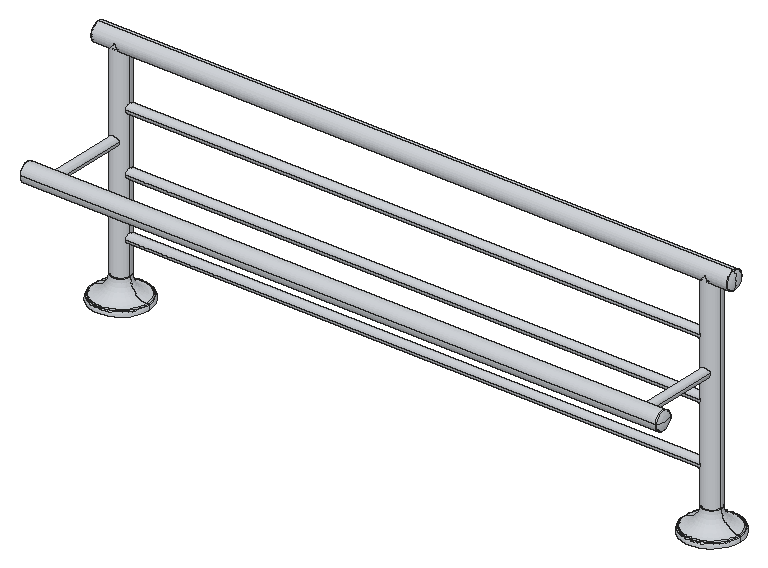
Revit family "Accessory-Towel_Bar-KOHLER-Coralais-K-13448", category Specialty Equipment, host Face, Revit 2015
Parameters (values of type "CP-Polished Chrome")
  Width = 9 13/16"  # constant formula
  URL = "https://www.us.kohler.com/us/"
  Type = 1
  Product Page URL = "http://www.us.kohler.com/us/catalog/productDetails.jsp?productNumber=13448"
  Product Name = "Coralais"  # constant formula
  Product Documentation Link = "http://www.us.kohler.com/onlinecatalog/pdf/K-13448_spec.pdf"
  Model = if(Type = 1, "K-13448-CP", if(Type = 2, "K-13448-G", if(Type = 3, "K-13448-BN", "NA")))  # "K-13448-CP"
  Material = "Premium Metal Construction"  # constant formula
  MasterFormat 2004 = "10.28.13"  # constant formula
  MasterFormat 1995 = "10820"  # constant formula
  Manufacturer Address = "444 Highland Dr, Kohler, WI 53044"  # constant formula
  Manufacturer = "KOHLER Co."  # constant formula
  Length = 26 5/16"  # constant formula
  Height = 5 1/8"  # constant formula
  Finish = Kohler-Metal-CP-Polished_Chrome
  Environmental Product Declaration = ""
  Description = "Hotelier"  # constant formula
  Default Elevation = 42"
  Declare Label = ""
  Date Modified = "01/17/2019"  # constant formula
  Date Created = "01/17/2019"  # constant formula
  Copyright = "Copyright KOHLER Co."  # constant formula
  Contact Us = "https://www.us.kohler.com/us/static/contact.jsp"
  Assembly Code = "C1030200"
  ADA Compliant = 1 = 0  # no
Types (4): name | Type | Model | Finish
  (no name) | 1 | "K-13448-CP" | Kohler-Metal-CP-Polished_Chrome
  CP-Polished Chrome | 1 | "K-13448-CP" | Kohler-Metal-CP-Polished_Chrome
  G-Brushed Chrome | 2 | "K-13448-G" | Kohler-Metal-G-Brushed_Chrome
  BN-Vibrant Brushed Nickel | 3 | "K-13448-BN" | Kohler-Metal-BN-Vibrant_Brushed_Nickel
Reference planes (in)
  plane 1 "Center (Front/Back)": y = 0
  plane 2: z = 0
  plane 3 "Center (Left/Right)": x = 0
  plane 4: y = 1.15625
  plane 5: x = -13.15625
  plane 6: x = 13.15625
  plane 7: x = -10.84375
  plane 8: x = -12
  plane 9: x = 12
  plane 10: x = 10.84375
  plane 11: y = -1.15625
  plane 12: y = -3.96875
  plane 13: z = 9.8125
Dimensions and locks (in)
  "Length": plane 5 to plane 6
  "Width": plane 13 to level
  plane 9 to plane 8 = 24"
  plane 4 to plane 11 = 2 5/16"
  "Height": plane 4 to plane 12
  aligned and locked: plane 2 to host face
  aligned and locked: level to host face
Automatic sketch dimensions
  host sketch curve to host sketch curve = 96"  (x2)
Nested families (in)
  nested 1: "K-13448" at (0, 0, 0), type "K-13448"
Definition of nested family "K-13448"
  Parameters (values of type "K-13448")
    Material = none
  Reference planes (in)
    plane 1 "Center (Front/Back)": y = 0
    plane 2: z = 0
    plane 3 "Center (Left/Right)": x = 0
    plane 4: y = 1.15625
    plane 5: y = -1.15625
    plane 6: y = -3.96875
    plane 7: z = 9.8125
    plane 8: x = 13.15625
    plane 9: x = -13.15625
    plane 10: x = 12
    plane 11: x = -12
    plane 12: x = -10.84375
    plane 13: x = 10.84375
  Forms (in)
    Revolve 1, solid, material <- "Material", detail levels medium+fine
      sketch origin (0, 0, 0) x (1, 0, 0) y (0, 0, 1)
        loop
          arc (12.98038, 9.43848) -> (12.9633, 9.62029) -> (12.91265, 9.79572) r 0.97596
          arc (12.91265, 9.79572) -> (12.90292, 9.80791) -> (12.88802, 9.8125) r 0.02646
          line (12.88802, 9.8125) -> (-12.88802, 9.8125)
          arc (-12.88802, 9.8125) -> (-12.90292, 9.80791) -> (-12.91265, 9.79572) r 0.02646
          arc (-12.91265, 9.79572) -> (-12.9633, 9.62029) -> (-12.98038, 9.43848) r 0.97596
          line (-12.98038, 9.43848) -> (12.98038, 9.43848)
        axis (-12.98038, 9.43848) -> (12.98038, 9.43848)
      angle from 0 to 360
    Revolve 2, solid, material <- "Material", detail levels medium+fine
      sketch origin (0, 5.87116, 5.90551) x (0, -1, 0) y (1, 0, 0)
        loop
          line (9.46589, 12.98038) -> (9.46589, -12.98038)
          arc (9.46589, -12.98038) -> (9.64769, -12.9633) -> (9.82313, -12.91265) r 0.97596
          arc (9.82313, -12.91265) -> (9.83531, -12.90292) -> (9.83991, -12.88802) r 0.02646
          line (9.83991, -12.88802) -> (9.83991, 12.88802)
          arc (9.83991, 12.88802) -> (9.83531, 12.90292) -> (9.82313, 12.91265) r 0.02646
          arc (9.82313, 12.91265) -> (9.64769, 12.9633) -> (9.46589, 12.98038) r 0.97596
        axis (9.46589, -12.98038) -> (9.46589, 12.98038)
      angle from 0 to 360
    Extrusion 3, solid, material <- "Material", detail levels medium+fine
      sketch origin (0, 0, 0) x (0, 1, 0) y (0, 0, 1)
        loop
          circle (0, 7.08665) r 0.1901
        loop
          circle (0, 4.72467) r 0.1901
        loop
          circle (0, 2.36218) r 0.1901
      from -12 to 12
    Extrusion 4, solid, material <- "Material", detail levels medium+fine
      sketch origin (0, 0, 0) x (1, 0, 0) y (0, 0, 1)
        loop
          circle (-12, 5.90551) r 0.19141
        loop
          circle (12, 5.90551) r 0.19141
      from 0 to 3.56299
    Revolve 5, solid, material <- "Material", detail levels medium+fine
      sketch origin (0, 0, 0) x (-1, 0, 0) y (0, 0, 1)
        loop
          line (12, 9.4375) -> (12, 0) -> (13.15625, 0)
          arc (13.15625, 0) -> (13.14872, 0.0813) -> (13.1248, 0.15937) r 0.3992
          arc (13.1248, 0.15937) -> (13.11508, 0.17109) -> (13.1005, 0.17549) r 0.02638
          line (13.1005, 0.17549) -> (13.06972, 0.17549)
          arc (13.06972, 0.17549) -> (13.06423, 0.19042) -> (13.05025, 0.19802) r 0.02257
          arc (13.05025, 0.19802) -> (12.57328, 0.45192) -> (12.37326, 0.95388) r 0.7853
          arc (12.37326, 0.95388) -> (12.36381, 0.97541) -> (12.34202, 0.98425) r 0.03125
          line (12.34202, 0.98425) -> (12.37283, 0.98425) -> (12.37283, 9.4375) -> (12, 9.4375)
        axis (12, 0) -> (12, 9.4375)
      angle from 0 to 360
    Revolve 6, solid, material <- "Material", detail levels medium+fine
      sketch origin (0, 0, 0) x (1, 0, 0) y (0, 0, 1)
        loop
          line (12, 9.4375) -> (12, 0) -> (13.15625, 0)
          arc (13.15625, 0) -> (13.14872, 0.0813) -> (13.1248, 0.15937) r 0.3992
          arc (13.1248, 0.15937) -> (13.11508, 0.17109) -> (13.1005, 0.17549) r 0.02638
          line (13.1005, 0.17549) -> (13.06972, 0.17549)
          arc (13.06972, 0.17549) -> (13.06423, 0.19042) -> (13.05025, 0.19802) r 0.02257
          arc (13.05025, 0.19802) -> (12.57328, 0.45192) -> (12.37326, 0.95388) r 0.7853
          arc (12.37326, 0.95388) -> (12.36381, 0.97541) -> (12.34202, 0.98425) r 0.03125
          line (12.34202, 0.98425) -> (12.37283, 0.98425) -> (12.37283, 9.4375) -> (12, 9.4375)
        axis (12, 0) -> (12, 9.4375)
      angle from 0 to 360
    Revolve 7, solid, material <- "Material", detail levels coarse
      sketch origin (0, 0, 0) x (1, 0, 0) y (0, 0, 1)
        loop
          line (-12, 9.4375) -> (-12.37282, 9.4375) -> (-12.37282, 0.19832) -> (-13.15625, 0.19832) -> (-13.15625, 0) -> (-12, 0) -> (-12, 9.4375)
        axis (-12, 0) -> (-12, 9.4375)
      angle from 0 to 360
    Revolve 8, solid, material <- "Material", detail levels coarse
      sketch origin (0, 0, 0) x (-1, 0, 0) y (0, 0, 1)
        loop
          line (-12, 9.4375) -> (-12.37282, 9.4375) -> (-12.37282, 0.19832) -> (-13.15625, 0.19832) -> (-13.15625, 0) -> (-12, 0) -> (-12, 9.4375)
        axis (-12, 0) -> (-12, 9.4375)
      angle from 0 to 360
    Extrusion 9, solid, material <- "Material", detail levels coarse
      sketch origin (0, 0, 0) x (0, 1, 0) y (0, 0, 1)
        loop
          circle (0, 9.4375) r 0.375
      from -12.98092 to 12.98793
    Extrusion 10, solid, material <- "Material", detail levels coarse
      sketch origin (0, 0, 0) x (0, 1, 0) y (0, 0, 1)
        loop
          circle (0, 7.08665) r 0.1901
        loop
          circle (0, 4.72467) r 0.1901
        loop
          circle (0, 2.36218) r 0.1901
      from -12 to 12
    Extrusion 11, solid, material <- "Material", detail levels coarse
      sketch origin (0, 0, 0) x (1, 0, 0) y (0, 0, 1)
        loop
          circle (-12, 5.90551) r 0.19141
        loop
          circle (12, 5.90551) r 0.19141
      from 0 to 3.65409
    Extrusion 12, solid, material <- "Material", detail levels coarse
      sketch origin (0, 0, 0) x (0, 1, 0) y (0, 0, 1)
        loop
          circle (-3.59375, 5.90507) r 0.375
      from -12.98092 to 12.98793
  Cuts and joins
    joined: Revolve 2, Extrusion 3, Extrusion 4, Revolve 5, Revolve 6
    joined: Revolve 7, Revolve 8, Extrusion 9, Extrusion 10, Extrusion 11, Extrusion 12
  Lines and regions (in)
    Masking region 1
      outline origin (0, 0, 0) x (1, 0, 0) y (0, 0, 1)
        loop
          line (10.84375, 0) -> (13.15625, 0)
          arc (13.15625, 0) -> (13.14872, 0.0813) -> (13.1248, 0.15937) r 0.3992
          arc (13.1248, 0.15937) -> (13.11508, 0.17109) -> (13.1005, 0.17549) r 0.02638
          line (13.1005, 0.17549) -> (13.06972, 0.17549)
          arc (13.06972, 0.17549) -> (13.06423, 0.19042) -> (13.05025, 0.19802) r 0.02257
          arc (13.05025, 0.19802) -> (12.57328, 0.45192) -> (12.37326, 0.95388) r 0.7853
          arc (12.37326, 0.95388) -> (12.36381, 0.97541) -> (12.34202, 0.98425) r 0.03125
          line (12.34202, 0.98425) -> (12.37283, 0.98425) -> (12.37283, 5.5315) -> (12.88802, 5.5315)
          arc (12.88802, 5.5315) -> (12.90292, 5.53609) -> (12.91265, 5.54827) r 0.02646
          arc (12.91265, 5.54827) -> (12.9633, 5.72371) -> (12.98038, 5.90551) r 0.97596
          arc (12.98038, 5.90551) -> (12.9633, 6.08731) -> (12.91265, 6.26275) r 0.97596
          arc (12.91265, 6.26275) -> (12.90292, 6.27494) -> (12.88802, 6.27953) r 0.02646
          line (12.88802, 6.27953) -> (12.37283, 6.27953) -> (12.37283, 9.06447) -> (12.88802, 9.06447)
          arc (12.88802, 9.06447) -> (12.90292, 9.06906) -> (12.91265, 9.08124) r 0.02646
          arc (12.91265, 9.08124) -> (12.9633, 9.25668) -> (12.98038, 9.43848) r 0.97596
          arc (12.98038, 9.43848) -> (12.9633, 9.62029) -> (12.91265, 9.79572) r 0.97596
          arc (12.91265, 9.79572) -> (12.90292, 9.80791) -> (12.88802, 9.8125) r 0.02646
          line (12.88802, 9.8125) -> (-12.88802, 9.8125)
          arc (-12.88802, 9.8125) -> (-12.90292, 9.80791) -> (-12.91265, 9.79572) r 0.02646
          arc (-12.91265, 9.79572) -> (-12.9633, 9.62029) -> (-12.98038, 9.43848) r 0.97596
          arc (-12.98038, 9.43848) -> (-12.9633, 9.25668) -> (-12.91265, 9.08124) r 0.97596
          arc (-12.91265, 9.08124) -> (-12.90292, 9.06906) -> (-12.88802, 9.06447) r 0.02646
          line (-12.88802, 9.06447) -> (-12.37283, 9.06447) -> (-12.37283, 6.27953) -> (-12.88802, 6.27953)
          arc (-12.88802, 6.27953) -> (-12.90292, 6.27494) -> (-12.91265, 6.26275) r 0.02646
          arc (-12.91265, 6.26275) -> (-12.9633, 6.08731) -> (-12.98038, 5.90551) r 0.97596
          arc (-12.98038, 5.90551) -> (-12.9633, 5.72371) -> (-12.91265, 5.54827) r 0.97596
          arc (-12.91265, 5.54827) -> (-12.90292, 5.53609) -> (-12.88802, 5.5315) r 0.02646
          line (-12.88802, 5.5315) -> (-12.37283, 5.5315) -> (-12.37283, 0.98425) -> (-12.34202, 0.98425)
          arc (-12.34202, 0.98425) -> (-12.36381, 0.97541) -> (-12.37326, 0.95388) r 0.03125
          arc (-12.37326, 0.95388) -> (-12.57328, 0.45192) -> (-13.05025, 0.19802) r 0.7853
          arc (-13.05025, 0.19802) -> (-13.06423, 0.19042) -> (-13.06972, 0.17549) r 0.02257
          line (-13.06972, 0.17549) -> (-13.1005, 0.17549)
          arc (-13.1005, 0.17549) -> (-13.11508, 0.17109) -> (-13.1248, 0.15937) r 0.02638
          arc (-13.1248, 0.15937) -> (-13.14872, 0.0813) -> (-13.15625, 0) r 0.3992
          line (-13.15625, 0) -> (-10.84375, 0)
          arc (-10.84375, 0) -> (-10.85128, 0.0813) -> (-10.8752, 0.15937) r 0.3992
          arc (-10.8752, 0.15937) -> (-10.88492, 0.17109) -> (-10.8995, 0.17549) r 0.02638
          line (-10.8995, 0.17549) -> (-10.93028, 0.17549)
          arc (-10.93028, 0.17549) -> (-10.93577, 0.19042) -> (-10.94975, 0.19802) r 0.02257
          arc (-10.94975, 0.19802) -> (-11.42672, 0.45192) -> (-11.62674, 0.95388) r 0.7853
          arc (-11.62674, 0.95388) -> (-11.63619, 0.97541) -> (-11.65798, 0.98425) r 0.03125
          line (-11.65798, 0.98425) -> (-11.62717, 0.98425) -> (-11.62717, 2.17207) -> (11.62717, 2.17207) -> (11.62717, 0.98425) -> (11.65798, 0.98425)
          arc (11.65798, 0.98425) -> (11.63619, 0.97541) -> (11.62674, 0.95388) r 0.03125
          arc (11.62674, 0.95388) -> (11.42672, 0.45192) -> (10.94975, 0.19802) r 0.7853
          arc (10.94975, 0.19802) -> (10.93577, 0.19042) -> (10.93028, 0.17549) r 0.02257
          line (10.93028, 0.17549) -> (10.8995, 0.17549)
          arc (10.8995, 0.17549) -> (10.88492, 0.17109) -> (10.8752, 0.15937) r 0.02638
          arc (10.8752, 0.15937) -> (10.85128, 0.0813) -> (10.84375, 0) r 0.3992
    Masking region 2
      outline origin (0, 0, 0) x (0, 1, 0) y (0, 0, 1)
        loop
          line (-1.15625, 0) -> (1.15625, 0)
          arc (1.15625, 0) -> (1.14872, 0.0813) -> (1.1248, 0.15937) r 0.3992
          arc (1.1248, 0.15937) -> (1.11508, 0.17109) -> (1.1005, 0.17549) r 0.02638
          line (1.1005, 0.17549) -> (1.06972, 0.17549)
          arc (1.06972, 0.17549) -> (1.06423, 0.19042) -> (1.05025, 0.19802) r 0.02257
          arc (1.05025, 0.19802) -> (0.57328, 0.45192) -> (0.37326, 0.95388) r 0.7853
          arc (0.37326, 0.95388) -> (0.36381, 0.97541) -> (0.34202, 0.98425) r 0.03125
          line (0.34202, 0.98425) -> (0.37283, 0.98425) -> (0.37283, 9.43967)
          arc (0.37283, 9.43967) -> (0, 9.8125) -> (-0.37283, 9.43967) r 0.37283
          line (-0.37283, 9.43967) -> (-0.37283, 6.09692) -> (-3.3085, 6.09692)
          arc (-3.3085, 6.09692) -> (-3.72705, 6.26768) -> (-4, 5.90734) r 0.37107
          arc (-4, 5.90734) -> (-3.7291, 5.54757) -> (-3.31066, 5.71411) r 0.37107
          line (-3.31066, 5.71411) -> (-0.37283, 5.71411) -> (-0.37283, 0.98425) -> (-0.34202, 0.98425)
          arc (-0.34202, 0.98425) -> (-0.36381, 0.97541) -> (-0.37326, 0.95388) r 0.03125
          arc (-0.37326, 0.95388) -> (-0.57328, 0.45192) -> (-1.05025, 0.19802) r 0.7853
          arc (-1.05025, 0.19802) -> (-1.06423, 0.19042) -> (-1.06972, 0.17549) r 0.02257
          line (-1.06972, 0.17549) -> (-1.1005, 0.17549)
          arc (-1.1005, 0.17549) -> (-1.11508, 0.17109) -> (-1.1248, 0.15937) r 0.02638
          arc (-1.1248, 0.15937) -> (-1.14872, 0.0813) -> (-1.15625, 0) r 0.3992
    Masking region 3
      outline origin (0, 0, 0) x (1, 0, 0) y (0, 1, 0)
        loop
          arc (-10.90591, 0.37402) -> (-11.32752, 0.94058) -> (-12, 1.15625) r 1.15625
          arc (-12, 1.15625) -> (-12.81759, 0.81759) -> (-13.15625, 0) r 1.15625
          arc (-13.15625, 0) -> (-12.88267, -0.74686) -> (-12.19141, -1.1403) r 1.15625
          line (-12.19141, -1.1403) -> (-12.19141, -3.22072) -> (-12.88802, -3.22072)
          arc (-12.88802, -3.22072) -> (-12.90292, -3.22531) -> (-12.91265, -3.23749) r 0.02646
          arc (-12.91265, -3.23749) -> (-12.9633, -3.41293) -> (-12.98038, -3.59473) r 0.97596
          arc (-12.98038, -3.59473) -> (-12.9633, -3.77654) -> (-12.91265, -3.95197) r 0.97596
          arc (-12.91265, -3.95197) -> (-12.90292, -3.96416) -> (-12.88802, -3.96875) r 0.02646
          line (-12.88802, -3.96875) -> (12.88803, -3.96875)
          arc (12.88803, -3.96875) -> (12.90292, -3.96416) -> (12.91265, -3.95197) r 0.02646
          arc (12.91265, -3.95197) -> (12.9633, -3.77654) -> (12.98038, -3.59473) r 0.97596
          arc (12.98038, -3.59473) -> (12.9633, -3.41293) -> (12.91265, -3.23749) r 0.97596
          arc (12.91265, -3.23749) -> (12.90292, -3.22531) -> (12.88803, -3.22072) r 0.02646
          line (12.88803, -3.22072) -> (12.19141, -3.22072) -> (12.19141, -1.1403)
          arc (12.19141, -1.1403) -> (12.88267, -0.74686) -> (13.15625, 0) r 1.15625
          arc (13.15625, 0) -> (12.81759, 0.81759) -> (12, 1.15625) r 1.15625
          arc (12, 1.15625) -> (11.32752, 0.94058) -> (10.90591, 0.37402) r 1.15625
          line (10.90591, 0.37402) -> (-10.90591, 0.37402)
        loop
          arc (-10.90591, -0.37402) -> (-11.25172, -0.88147) -> (-11.80859, -1.1403) r 1.15625
          line (-11.80859, -1.1403) -> (-11.80859, -3.22072) -> (11.80859, -3.22072) -> (11.80859, -1.1403)
          arc (11.80859, -1.1403) -> (11.25172, -0.88147) -> (10.90591, -0.37402) r 1.15625
          line (10.90591, -0.37402) -> (-10.90591, -0.37402)
    symbolic lines, detail levels medium+fine
      curve 1: line (-11.62717, 0, 2.55228) -> (-11.62717, 0, 4.53457)
      curve 2: line (-11.62717, 0, 9.06447) -> (11.62717, 0, 9.06447)
      curve 3: line (11.62717, 0, 2.55228) -> (11.62717, 0, 4.53457)
      curve 4: line (-13.06972, 0, 0.17549) -> (-10.93028, 0, 0.17549)
      curve 5: line (-12.34202, 0, 0.98425) -> (-11.65798, 0, 0.98425)
      curve 6: line (-11.62717, 0, 6.27953) -> (11.62717, 0, 6.27953)
      curve 7: line (11.62717, 0, 5.5315) -> (-11.62717, 0, 5.5315)
      curve 8: line (-11.62717, 0, 2.55228) -> (11.62717, 0, 2.55228)
      curve 9: line (11.62717, 0, 4.53457) -> (-11.62717, 0, 4.53457)
      curve 10: line (-11.62717, 0, 4.91477) -> (11.62717, 0, 4.91477)
      curve 11: line (11.62717, 0, 6.89655) -> (-11.62717, 0, 6.89655)
      curve 12: line (-11.62717, 0, 7.27675) -> (11.62717, 0, 7.27675)
      curve 13: line (11.62717, 0, 4.91477) -> (11.62717, 0, 6.89655)
      curve 14: line (11.62717, 0, 7.27675) -> (11.62717, 0, 9.06447)
      curve 15: line (-11.62717, 0, 4.91477) -> (-11.62717, 0, 6.89655)
      curve 16: line (-11.62717, 0, 7.27675) -> (-11.62717, 0, 9.06447)
      curve 17: line (10.93028, 0, 0.17549) -> (13.06972, 0, 0.17549)
      curve 18: line (11.65798, 0, 0.98425) -> (12.34202, 0, 0.98425)
      curve 19: line (12.83224, 0, 9.8125) -> (12.83224, 0, 9.06447)
      curve 20: line (12.83224, 0, 6.27953) -> (12.83224, 0, 5.5315)
      curve 21: line (-12.83224, 0, 9.8125) -> (-12.83224, 0, 9.06447)
      curve 22: line (-12.83224, 0, 6.27953) -> (-12.83224, 0, 5.5315)
      curve 23: line (0, 0.34202, 0.98425) -> (0, -0.34202, 0.98425)
      curve 24: line (0, 1.06972, 0.17549) -> (0, -1.06972, 0.17549)
      curve 25: arc (0, -3.31066, 5.71411) -> (0, -3.25721, 5.90522) -> (0, -3.3085, 6.09692) r 0.37598
      curve 26: arc (0, -0.37283, 9.43967) -> (0, 0, 9.06684) -> (0, 0.37283, 9.43967) r 0.37283
      curve 27: line (-10.90591, 0.37402, 0) -> (-12.88802, 0.37402, 0)
      curve 28: line (-10.90591, -0.37402, 0) -> (-12.88802, -0.37402, 0)
      curve 29: arc (-12.88802, 0.37402, 0) -> (-12.90292, 0.36942, 0) -> (-12.91265, 0.35724, 0) r 0.02646
      curve 30: arc (-12.91265, 0.35724, 0) -> (-12.9633, 0.1818, 0) -> (-12.98038, 0, 0) r 0.97596
      curve 31: arc (-12.98038, 0, 0) -> (-12.9633, -0.1818, 0) -> (-12.91265, -0.35724, 0) r 0.97596
      curve 32: arc (-12.91265, -0.35724, 0) -> (-12.90292, -0.36942, 0) -> (-12.88802, -0.37402, 0) r 0.02646
      curve 33: arc (-12.19141, -1.05245, 0) -> (-12.8204, 0.68647, 0) -> (-10.9978, 0.37402, 0) r 1.06972
      curve 34: line (-11.80859, -1.1403, 0) -> (-11.80859, -0.37402, 0)
      curve 35: line (-12.19141, -1.1403, 0) -> (-12.19141, -0.37402, 0)
      curve 36: line (10.90591, 0.37402, 0) -> (12.88802, 0.37402, 0)
      curve 37: line (10.90591, -0.37402, 0) -> (12.88802, -0.37402, 0)
      curve 38: arc (12.88802, 0.37402, 0) -> (12.90292, 0.36942, 0) -> (12.91265, 0.35724, 0) r 0.02646
      curve 39: arc (12.91265, 0.35724, 0) -> (12.9633, 0.1818, 0) -> (12.98038, 0, 0) r 0.97596
      curve 40: arc (12.98038, 0, 0) -> (12.9633, -0.1818, 0) -> (12.91265, -0.35724, 0) r 0.97596
      curve 41: arc (12.91265, -0.35724, 0) -> (12.90292, -0.36942, 0) -> (12.88802, -0.37402, 0) r 0.02646
      curve 42: arc (12.19141, -1.05245, 0) -> (12.8204, 0.68647, 0) -> (10.9978, 0.37402, 0) r 1.06972
      curve 43: line (11.80859, -1.1403, 0) -> (11.80859, -0.37402, 0)
      curve 44: line (12.19141, -1.1403, 0) -> (12.19141, -0.37402, 0)
      curve 45: arc (10.9978, -0.37402, 0) -> (11.31353, -0.8204, 0) -> (11.80859, -1.05245, 0) r 1.06972
      curve 46: arc (-10.9978, -0.37402, 0) -> (-11.31353, -0.8204, 0) -> (-11.80859, -1.05245, 0) r 1.06972
      curve 47: arc (-11.62717, 0, 7.27675) -> (-11.67928, 0, 7.08665) -> (-11.62717, 0, 6.89655) r 0.37283
      curve 48: arc (-11.62717, 0, 4.91477) -> (-11.67928, 0, 4.72467) -> (-11.62717, 0, 4.53457) r 0.37283
      curve 49: arc (-11.62717, 0, 2.55228) -> (-11.67956, 0, 2.36218) -> (-11.62717, 0, 2.17207) r 0.37109
      curve 50: arc (11.62717, 0, 7.27675) -> (11.67928, 0, 7.08665) -> (11.62717, 0, 6.89655) r 0.37283
      curve 51: arc (11.62717, 0, 4.91477) -> (11.67928, 0, 4.72467) -> (11.62717, 0, 4.53457) r 0.37283
      curve 52: arc (11.62717, 0, 2.55228) -> (11.67956, 0, 2.36218) -> (11.62717, 0, 2.17207) r 0.37109
      curve 53: arc (0, -0.37283, 6.09692) -> (0, -0.31995, 5.90551) -> (0, -0.37283, 5.71411) r 0.37283
      curve 54: arc (11.80859, -3.22072, 0) -> (12, -3.27407, 0) -> (12.19141, -3.22072, 0) r 0.37003
      curve 55: arc (-11.80859, -3.22072, 0) -> (-12, -3.27407, 0) -> (-12.19141, -3.22072, 0) r 0.37003
      curve 56: line (-12.37283, 0, 6.27953) -> (-12.37283, 0, 5.5315)
      curve 57: line (12.37283, 0, 6.27953) -> (12.37283, 0, 5.5315)
      curve 58: line (-12.37282, 0, 9.0625) -> (-11.99991, 0, 9.43759)
      curve 59: line (-11.99991, 0, 9.43759) -> (-11.62718, 0, 9.0625)
      curve 60: line (11.62718, 0, 9.0625) -> (12.00009, 0, 9.43759)
      curve 61: line (12.37282, 0, 9.0625) -> (12.00009, 0, 9.43759)
  Dimensions and locks (in)
    aligned and locked: level to plane 2
